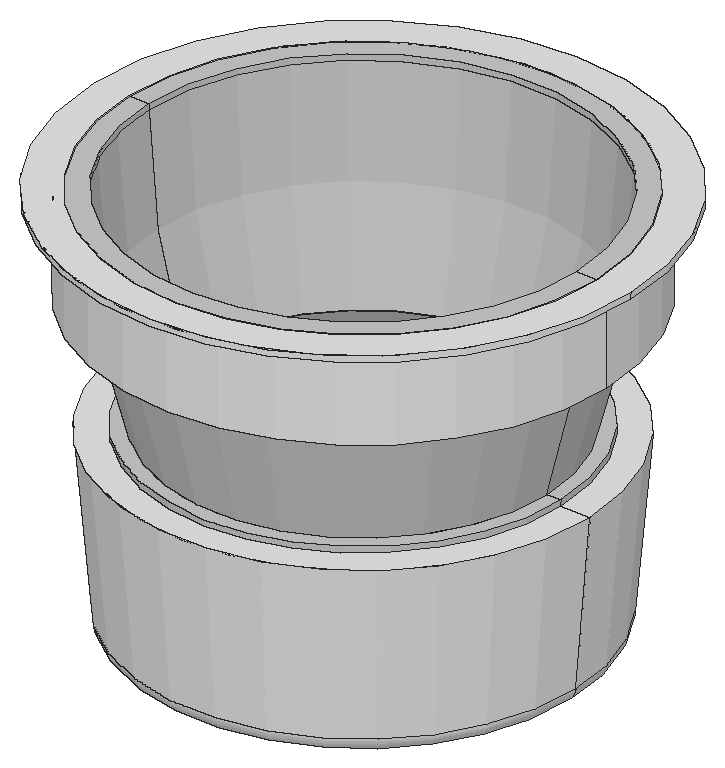
Revit family "2059351 Lighting Fixture_Sylvania_Ascent 150 II Round_Ceiling Recessed", category Lighting Fixtures, host Face, Revit 2017
Family settings
  Host = Face
  Round Connector Dimension = Use Diameter
  Part Type = Normal
  OmniClass Number = 23.80.70.11.17
  OmniClass Title = Specialized Lighting by Location or Use
  Cut with Voids When Loaded = No
  Light Source = Yes
  Shared = No
  Room Calculation Point = No
Parameters (values of type "ASCENT 150 II 1600 3K DALI EM")
  Upper Body Radius = Radius - 14.5 mm  # 80.0 mm
  Upper Body Material = Metal_Sylvania_Ascent 150 II_Black
  Ring Outer Diameter = Diameter - 17.0 mm  # 172.0 mm
  Ring Inner Diameter = Ring Outer Diameter - 4.0 mm  # 168.0 mm
  Reflector Material = Metal_Sylvania_Ascent 150 II_Polished
  Recessed Depth = 142.0 mm
  Radius = Diameter / 2  # 94.5 mm
  Light Emit  Diameter = Diameter - 38.0 mm  # 151.0 mm
  LOR = "100%"  # constant formula
  Inrush Current (max. quantity per 16A C breaker) = "80"  # constant formula
  Inner Reflector Radius = Inner Radius - 19.5 mm  # 63.0 mm
  Inner Radius = Inner Diameter / 2  # 82.5 mm
  Inner Diameter = Diameter - 24.0 mm  # 165.0 mm
  IP Rating = "IP44"  # constant formula
  IK Rating = "IK02"  # constant formula
  Glow Wire Test = 650 °C  # constant formula
  Energy Class = "A++,A+,A"  # constant formula
  Weight = 2.45 kg
  Wattage = 2.86179 W
  built-in parameter 1150110 = 1 (stored number, unit not read)
  Voltage Comments = "UNV (Universal Voltage; 220-240 Volt)"  # constant formula
  Voltage = 230 V  # constant formula
  URL = "https://www.sylvania-lighting.com"
  built-in parameter 1114217 = 1 (stored number, unit not read)
  Tilt Angle = -90°
  built-in parameter 1150109 = 1 (stored number, unit not read)
  built-in parameter 1150134 = (empty or 0)
  built-in parameter 1150113 = 1 (stored number, unit not read)
  Product Page URL = "https://www.sylvania-lighting.com/product/en-int/products/2059351"
  Product Family = "ASCENT 150 II ROUND"  # constant formula
  Photometry Comments = ""
  Photometric Web File = "2059351_ASCENT150II15003KDALIEM-206337.ies"
  Life = "50 000 h"  # constant formula
  Emit from Circle Diameter = Light Emit  Diameter  # 151.0 mm
  Emit Shape Visible in Rendering = no
  Emergency duration (h) = "N/A"
  Electrical Protection = "Class II"  # constant formula
  Drive Current = "500mA"  # constant formula
  Distribution type = "Direct"  # constant formula
  Diffuser Material = Glass_Sylvania_Ascent 150 II_Clear_3000K
  Diameter = 189.0 mm
  Cutout Diameter = Diameter - 13.0 mm  # 176.0 mm
  Colour consistency (SDCM) = "3 step"  # constant formula
  built-in parameter 1114216 [instance] = 1 (stored number, unit not read)
  Model = "ASCENT 150 II 1600 3K DALI EM"
  Manufacturer = "Feilo Sylvania"
  built-in parameter 1150105 = 215.15 (stored number, unit not read)
  Lumens = 352 lm
  built-in parameter 1150115 = 1 (stored number, unit not read)
  built-in parameter 1150137 = (empty or 0)
  built-in parameter 1150139 = (empty or 0)
  built-in parameter 1150112 = 1 (stored number, unit not read)
  built-in parameter 1150114 = 1 (stored number, unit not read)
  Lamp Comments = "Integrated LED"  # constant formula
  Lamp = "LED"  # constant formula
  built-in parameter 1150132 = 2
  built-in parameter 1150102 = (empty or 0)
  built-in parameter 1150107 = 3000 (stored number, unit not read)
  built-in parameter 1150138 = (empty or 0)
  built-in parameter 1150106 = 2.1515 (stored number, unit not read)
  built-in parameter 1150104 = 11.427 (stored number, unit not read)
  Dimming Lamp Color Temperature Shift = <None>
  Description = "A very high efficient round downlight up to 127lm/W Long life >50,000hrs 4,000K and 3,000K CCT and CRI Ra85 IP44 rated for wet areas and bathrooms UGR <19 version for offices to comply with EN12464-1 Wide selection of decorative accessories"  # constant formula
  Default Elevation = 0.0 mm
  Color Filter = 16777215
  Catalog Number = "2059351 ASCENT 150 II 1600 3K DALI EM"
  built-in parameter 1140040 [instance] = 1
  CRI (Ra) = ">80"  # constant formula
  built-in parameter 1114218 = 1 (stored number, unit not read)
  built-in parameter 1150133 = 10 (stored number, unit not read)
  Assembly Code = "D5020200"
  Apparent Load Comments = ""
  Apparent Load = 14 VA
  Accessory Material = Aluminum_Sylvania_Ascent 150 II_White
Reference planes
  plane 1 "Center (Front/Back)": y = 0
  plane 2: z = 0
  plane 3 "Center (Left/Right)": x = 0
  plane 4: z = 2
  plane 5: z = -74
  plane 6 "Fixture Top": z = -140
  plane 7: z = -31
  plane 8: z = -72
  plane 9: z = -62.037
Forms (mm)
  Extrusion 1, solid, material "Aluminum_Sylvania_Ascent 150 II_White" <- "Accessory Material", detail levels fine
    sketch origin (0, 0, 0) x (1, 0, 0) y (0, 1, 0)
      loop
        circle (0, 0) r 94.5
      loop
        circle (0, 0) r 82.5
    from 0 to 2
  Extrusion 2, void
    sketch origin (0, 0, 0) x (1, 0, 0) y (0, 1, 0)
      loop
        circle (0, 0) r 88
    from -140 to 2
  Revolve 3, solid, material "Metal_Sylvania_Ascent 150 II_Polished" <- "Reflector Material", detail levels fine
    sketch origin (0, 0, 0) x (1, 0, 0) y (0, 0, 1)
      loop
        line (-82.5, 0) -> (-77.5, 0)
        arc (-77.5, 0) -> (-74.352, -36.539) -> (-65, -72) r 213.61
        line (-65, -72) -> (-70, -72) -> (-70, -74) -> (0, -74) -> (0, -72) -> (-63, -72)
        arc (-63, -72) -> (-72.352, -36.539) -> (-75.5, 0) r 213.61
        line (-75.5, 0) -> (-75.5, 2) -> (-82.5, 2) -> (-82.5, 0)
      axis (0, 2) -> (0, -74)
    angle from 0 to 360
  Extrusion 4, solid, material "Aluminum_Sylvania_Ascent 150 II_White" <- "Accessory Material", detail levels fine
    sketch origin (0, 0, 0) x (1, 0, 0) y (0, 1, 0)
      loop
        circle (0, 0) r 86
      loop
        circle (0, 0) r 84
    from -31 to 0
  Revolve 5, solid, material "Glass_Sylvania_Ascent 150 II_Clear_3000K" <- "Diffuser Material", detail levels fine
    sketch origin (0, 0, 0) x (1, 0, 0) y (0, 0, 1)
      loop
        line (-63, -72) -> (0, -72) -> (0, -62.037)
        arc (0, -62.037) -> (-31.891, -64.543) -> (-63, -72) r 204.163
      axis (0, -62.037) -> (0, -72)
    angle from 0 to 360
  Revolve 6, solid, material "Metal_Sylvania_Ascent 150 II_Black" <- "Upper Body Material", detail levels fine
    sketch origin (0, 0, 0) x (1, 0, 0) y (0, 0, 1)
      loop
        line (0, -74) -> (-80, -74) -> (-75.107, -129.929)
        arc (-75.107, -129.929) -> (-73.452, -133.536) -> (-69.924, -135.353) r 6.079
        arc (-69.924, -135.353) -> (-35.039, -138.837) -> (0, -140) r 528.435
        line (0, -140) -> (0, -74)
      axis (0, -74) -> (0, -140)
    angle from 0 to 360
  Revolve 7, solid, material "Aluminum_Sylvania_Ascent 150 II_White" <- "Accessory Material", detail levels coarse+medium
    sketch origin (0, 0, 0) x (1, 0, 0) y (0, 0, 1)
      loop
        arc (-69.924, -135.353) -> (-35.039, -138.837) -> (0, -140) r 528.435
        line (0, -140) -> (0, 2) -> (-94.5, 2) -> (-94.5, 0) -> (-86, 0) -> (-86, -31)
        arc (-86, -31) -> (-84.493, -52.708) -> (-80, -74) r 157.083
        line (-80, -74) -> (-75.107, -129.929)
        arc (-75.107, -129.929) -> (-73.452, -133.536) -> (-69.924, -135.353) r 6.079
      axis (0, 2) -> (0, -140)
    angle from 0 to 360
Cuts and joins
  joined: Extrusion 1, Extrusion 4
Lines and regions (mm)
  Masking region 1
    outline origin (0, 0, 0) x (1, 0, 0) y (0, 1, 0)
      loop
        circle (0, 0) r 94.5
  symbolic lines, detail levels fine
    curve 1: arc (-75.5, 0, 0) -> (0, 75.5, 0) -> (75.5, 0, 0) r 75.5
    curve 2: arc (75.5, 0, 0) -> (0, -75.5, 0) -> (-75.5, 0, 0) r 75.5
Dimensions and locks
  plane 4 to plane 2 to plane 7 to plane 9 to plane 8 to plane 5 = 2.0 mm locked, 31.0 mm locked, 31.037 mm locked, 9.963 mm locked, 2.0 mm locked
  "Inner Radius": plane 3 "Center (Left/Right)" to Revolve 3 sketch curve
  locked: Revolve 3 sketch curve to Revolve 3 sketch curve at 7
  Revolve 3 sketch curve to Revolve 3 sketch curve to Revolve 3 sketch curve to Revolve 3 sketch curve = 2.0 mm locked, 5.0 mm locked, 12.5 mm locked
  "Inner Reflector Radius": Revolve 5 sketch curve to imposter light
  Revolve 6 sketch curve to Revolve 6 sketch curve to plane 6 "Fixture Top" = 5.424 mm locked, 4.647 mm locked
  "Recessed Depth": plane 4 to plane 6 "Fixture Top"
  "Upper Body Radius": plane 3 "Center (Left/Right)" to Revolve 6 sketch curve
  Revolve 6 sketch curve to Revolve 6 sketch curve to Revolve 6 sketch curve = 4.893 mm locked, 5.183 mm locked
  Revolve 7 sketch curve to Revolve 7 sketch curve to plane 6 "Fixture Top" = 5.424 mm locked, 4.647 mm locked
  Revolve 7 sketch curve to Revolve 7 sketch curve to Revolve 7 sketch curve to Revolve 7 sketch curve to Revolve 7 sketch curve = 8.5 mm locked, 6.0 mm locked, 4.893 mm locked, 5.183 mm locked
  "Radius": plane 3 "Center (Left/Right)" to Revolve 7 sketch curve
  "Diameter": diameter of Extrusion 1 sketch curve
  "Inner Diameter": diameter of Extrusion 1 sketch curve
  "Cutout Diameter": diameter of Extrusion 2 sketch curve
  "Ring Outer Diameter": diameter of Extrusion 4 sketch curve
  "Ring Inner Diameter": diameter of Extrusion 4 sketch curve
  aligned and locked: plane 2 to host face
  aligned and locked: level to host face
  aligned and locked: imposter light to plane 3 "Center (Left/Right)"
  aligned and locked: imposter light to plane 1 "Center (Front/Back)"
  aligned and locked: Extrusion 1 to plane 2
  aligned and locked: plane 4 to Extrusion 1
  aligned and locked: imposter light to plane 4
  aligned and locked: imposter light to Revolve 3 sketch curve
  aligned and locked: Revolve 3 sketch curve to imposter light
  aligned and locked: Revolve 3 sketch curve to plane 2
  aligned and locked: Revolve 3 sketch curve to Revolve 3 sketch curve
  aligned and locked: plane 5 to Revolve 3 sketch curve
  aligned and locked: Extrusion 4 to plane 7
  aligned and locked: Revolve 3 sketch curve to plane 8
  aligned and locked: Revolve 5 sketch curve to plane 8
  aligned and locked: imposter light to Revolve 5 sketch curve  (x2)
  aligned and locked: imposter light to Revolve 6 sketch curve  (x2)
  aligned and locked: plane 5 to Revolve 6 sketch curve
  aligned and locked: plane 6 "Fixture Top" to Revolve 6 sketch curve
  aligned and locked: Revolve 7 sketch curve to plane 2
  aligned and locked: plane 4 to Revolve 7 sketch curve
  aligned and locked: plane 7 to Revolve 7 sketch curve
  aligned and locked: imposter light to Extrusion 2
  aligned and locked: Extrusion 2 to plane 6 "Fixture Top"
  aligned and locked: Masking region 1 sketch curve to Revolve 7  (x2)
  aligned and locked: curve 1 to Revolve 3
  aligned and locked: curve 2 to Revolve 3
Automatic sketch dimensions
  host sketch curve to host sketch curve = 1040.406 mm
  host sketch curve to host sketch curve = 988.385 mm
  Extrusion 1 sketch curve to Extrusion 1 sketch curve = 0.0 mm  (x2)
  plane 1 "Center (Front/Back)" to Extrusion 1 sketch curve = 0.0 mm
  Extrusion 1 sketch curve to plane 3 "Center (Left/Right)" = 0.0 mm
  plane 1 "Center (Front/Back)" to Extrusion 2 sketch curve = 0.0 mm
  Extrusion 2 sketch curve to plane 3 "Center (Left/Right)" = 0.0 mm
  Revolve 3 sketch curve to plane 3 "Center (Left/Right)" = 0.0 mm
  Revolve 3 sketch curve to level = 0.0 mm
  Revolve 3 sketch curve to Revolve 3 sketch curve = 2.0 mm
  Revolve 3 sketch curve to plane 5 = 27.065 mm
  plane 4 to Revolve 3 sketch curve = 16.525 mm
  Extrusion 4 sketch curve to Extrusion 4 sketch curve = 0.0 mm  (x2)
  plane 1 "Center (Front/Back)" to Extrusion 4 sketch curve = 0.0 mm
  Extrusion 4 sketch curve to plane 3 "Center (Left/Right)" = 0.0 mm
  Revolve 5 sketch curve to plane 9 = 0.0 mm
  Revolve 5 sketch curve to plane 5 = 17.158 mm
  Revolve 5 sketch curve to plane 7 = 15.158 mm
  Revolve 6 sketch curve to plane 7 = 0.0 mm
  Revolve 6 sketch curve to Revolve 6 sketch curve = 6.05 mm
  Revolve 6 sketch curve to plane 6 "Fixture Top" = 26.0 mm
  Revolve 7 sketch curve to plane 3 "Center (Left/Right)" = 0.0 mm  (x2)
  Revolve 7 sketch curve to plane 6 "Fixture Top" = 0.0 mm
  Revolve 7 sketch curve to plane 5 = 0.0 mm
  Revolve 7 sketch curve to plane 7 = 0.0 mm
  Revolve 7 sketch curve to Revolve 7 sketch curve = 0.866 mm
  Revolve 7 sketch curve to Revolve 7 sketch curve = 26.0 mm
Connectors
  electrical at (0, 0, -140), driven by "Apparent Load", driven by "Voltage"
    settings: index 1, voltage 230 V, apparent load 0 VA, apparent load phase1 14 VA, apparent load phase2 0 VA, apparent load phase3 0 VA, power factor 1, load classification "Lighting", number of poles 1, system type 31, power factor state 1, is connector primary yes, connector utility no, sub classification motor no, connector description ""
